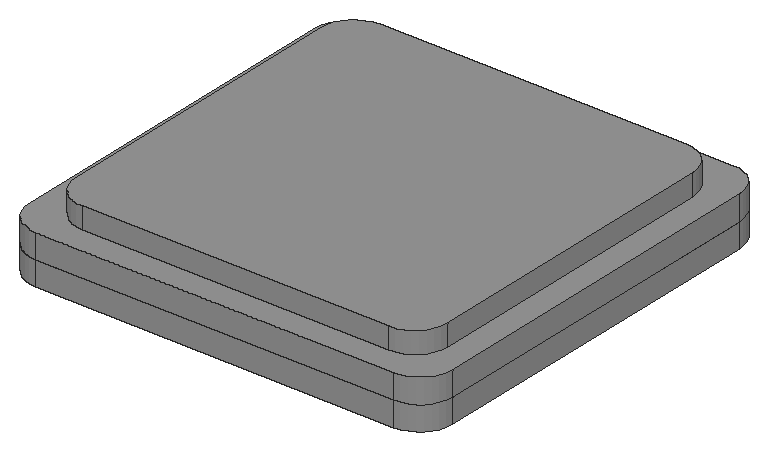
Revit family "FMS2_63_UN_Surface-mounted_ETK", category Lighting Fixtures, Revit 2019 (continued)
Definition of nested family "FMS.2 - Lightsource"
  Types (14, lengths in mm): name | Wattage Comments | Wattage | built-in parameter 1150134 | Photometric Web File | built-in parameter 1150142 | built-in parameter 1150105 | Lumens | built-in parameter 1150107 | built-in parameter 1150106 | Apparent Load
      .7117\r\n333.632\t330.6806\t327.7293\t324.7779\t321.6982\t318.3619\t315.0256\t311.6893\t308.353\t305.0166\r\n301.6803\t298.344\t295.0077\t291.6714\t288.335\t284.9987\t281.7907\t278.4544\t275.1181\t271.7818\r\n268.4454\t265.2374\t261.9011\t258.5648\t255.2285\t251.7638\t248.2992\t244.8346\t241.3699\t237.9053\r\n234.4406\t230.976\t227.5114\t224.0467\t220.5821\t217.1174\t213.6528\t210.3165\t206.8518\t203.3872\r\n199.9226\t196.4579\t193.1216\t189.657\t186.1923\t182.5994\t179.1347\t175.6701\t172.2054\t168.6125\r\n165.1478\t161.6832\t158.2186\t154.7539\t151.2893\t147.8246\t144.36\t140.8954\t137.3024\t133.8378\r\n130.3731\t126.9726\t123.508\t120.2358\t117.0278\t113.8198\t110.6118\t107.4038\t104.1958\t100.9878\r\n97.7927\t94.5847\t91.3895\t88.1943\t84.9992\t81.804\t78.6088\t75.4137\t72.2313\t69.0362\r\n65.8538\t62.6587\t56.6918\t50.0961\t43.5133\t36.9177\t30.322\t23.7264\t17.1436\t10.5479\r\n3.9574\t0\t0\t0\t0\t0\t0\t0\t0\t0\r\n0\r\n473.6291\t473.3725\t472.9875\t472.6026\t472.2176\t471.8326\t471.4477\t471.0627\t470.6778\t470.2928\r\n469.9078\t469.5229\t469.1379\t468.753\t468.368\t467.983\t467.4698\t467.0848\t466.5715\t466.1866\r\n465.6733\t464.9034\t463.4918\t462.0803\t460.5405\t459.129\t457.7174\t456.3059\t454.8944\t453.4829\r\n452.0714\t450.6598\t449.12\t447.7085\t446.297\t444.7571\t443.3456\t441.8058\t440.3942\t438.9827\r\n437.4429\t436.0314\t433.8499\t431.5402\t429.2304\t426.9206\t424.6109\t422.3011\t419.9914\t417.6816\r\n415.3718\t412.9338\t410.624\t408.3142\t406.0045\t403.5664\t401.2566\t398.9469\t396.6371\t394.199\r\n391.8893\t389.5795\t387.1414\t384.1901\t381.2387\t378.2874\t375.336\t372.3846\t369.4333\t366.4819\r\n363.5306\t360.5792\t357.6278\t354.6765\t351.7251\t348.7738\t345.8224\t342.871\t339.9197\t336.9683\r\n334.017\t331.0656\t328.1142\t324.9062\t321.5699\t318.2336\t314.8973\t311.6893\t308.353\t305.0166\r\n301.8086\t298.4723\t295.136\t291.928\t288.5917\t285.3837\t282.0474\t278.711\t275.3747\t272.1667\r\n268.8304\t265.4941\t262.1578\t258.6931\t255.2285\t251.7638\t248.2992\t244.8346\t241.4982\t238.0336\r\n234.569\t231.1043\t227.6397\t224.175\t220.7104\t217.2458\t213.7811\t210.4448\t206.9802\t203.5155\r\n200.0509\t196.5862\t193.1216\t189.657\t186.1923\t182.7277\t179.1347\t175.6701\t172.2054\t168.7408\r\n165.2762\t161.6832\t158.2186\t154.7539\t151.2893\t147.8246\t144.36\t140.8954\t137.4307\t133.8378\r\n130.3731\t126.947\t123.662\t120.4412\t117.2203\t113.9995\t110.7787\t107.5707\t104.3498\t101.1418\r\n97.921\t94.713\t91.505\t88.2842\t85.0762\t81.8682\t78.6602\t75.4522\t72.2442\t69.0362\r\n65.8282\t61.5038\t54.921\t48.3381\t41.7553\t35.1597\t28.5769\t21.994\t15.4112\t8.8194\r\n2.2341\t0\t0\t0\t0\t0\t0\t0\t0\t0\r\n0\r\n473.6291\t473.3725\t472.9875\t472.6026\t472.2176\t471.8326\t471.4477\t471.0627\t470.6778\t470.2928\r\n469.9078\t469.5229\t469.0096\t468.6246\t468.2397\t467.8547\t467.4698\t467.0848\t466.6998\t466.3149\r\n465.9299\t464.9034\t463.4918\t462.0803\t460.6688\t459.2573\t457.8458\t456.3059\t454.8944\t453.4829\r\n452.0714\t450.6598\t449.12\t447.7085\t446.297\t444.8854\t443.4739\t442.0624\t440.6509\t439.2394\r\n437.8278\t436.0314\t433.7216\t431.4118\t429.1021\t426.7923\t424.4826\t422.3011\t419.9914\t417.6816\r\n415.3718\t413.0621\t410.7523\t408.4426\t406.1328\t403.823\t401.5133\t399.2035\t396.8938\t394.584\r\n392.2742\t389.8362\t386.8848\t383.9334\t381.1104\t378.159\t375.2077\t372.3846\t369.4333\t366.4819\r\n363.6589\t360.7075\t357.7562\t354.8048\t351.9818\t349.0304\t346.079\t343.1277\t340.1763\t337.225\r\n334.2736\t331.3222\t327.9859\t324.7779\t321.4416\t318.2336\t314.8973\t311.6893\t308.353\t305.145\r\n301.8086\t298.6006\t295.2643\t292.0563\t288.72\t285.512\t282.1757\t278.8394\t275.6314\t272.295\r\n269.087\t265.7507\t262.2861\t258.8214\t255.3568\t251.8922\t248.4275\t244.9629\t241.4982\t238.0336\r\n234.569\t231.2326\t227.768\t224.3034\t220.8387\t217.3741\t213.9094\t210.5731\t207.1085\t203.6438\r\n200.1792\t196.7146\t193.2499\t189.7853\t186.3206\t182.7277\t179.263\t175.7984\t172.3338\t168.8691\r\n165.2762\t161.8115\t158.3469\t154.8822\t151.2893\t147.8246\t144.36\t140.8954\t137.4307\t133.8378\r\n130.3731\t127.0111\t123.7775\t120.5566\t117.323\t114.0893\t110.8685\t107.6348\t104.4012\t101.1803\r\n97.9467\t94.7258\t91.4922\t88.2713\t85.0377\t81.8168\t78.596\t75.3623\t72.1415\t68.9207\r\n65.687\t60.1179\t53.5479\t46.978\t40.408\t33.838\t27.268\t20.698\t14.128\t7.5632\r\n0.9932\t0\t0\t0\t0\t0\t0\t0\t0\t0\r\n0\r\n473.6291\t473.3725\t472.9875\t472.6026\t472.2176\t471.8326\t471.4477\t471.0627\t470.6778\t470.2928\r\n469.9078\t469.5229\t469.1379\t468.753\t468.368\t467.983\t467.5981\t467.2131\t466.8282\t466.4432\r\n466.0582\t464.6467\t463.2352\t461.8237\t460.4122\t459.129\t457.7174\t456.3059\t454.8944\t453.4829\r\n452.0714\t450.6598\t449.2483\t447.8368\t446.4253\t445.0138\t443.6022\t442.1907\t440.9075\t439.496\r\n438.0845\t435.903\t433.5933\t431.4118\t429.1021\t426.7923\t424.6109\t422.3011\t419.9914\t417.6816\r\n415.5002\t413.1904\t410.8806\t408.5709\t406.3894\t404.0797\t401.7699\t399.4602\t397.2787\t394.969\r\n392.6592\t389.9645\t387.0131\t384.0618\t381.1104\t378.2874\t375.336\t372.3846\t369.5616\t366.6102\r\n363.7872\t360.8358\t357.8845\t355.0614\t352.1101\t349.1587\t346.2074\t343.3843\t340.433\t337.4816\r\n334.5302\t331.3222\t328.1142\t324.7779\t321.5699\t318.2336\t315.0256\t311.6893\t308.4813\t305.145\r\n301.8086\t298.6006\t295.2643\t292.0563\t288.72\t285.512\t282.1757\t278.9677\t275.7597\t272.4234\r\n269.2154\t265.7507\t262.2861\t258.8214\t255.3568\t251.8922\t248.5558\t245.0912\t241.6266\t238.1619\r\n234.6973\t231.2326\t227.768\t224.3034\t220.967\t217.5024\t214.0378\t210.5731\t207.1085\t203.6438\r\n200.1792\t196.7146\t193.2499\t189.7853\t186.3206\t182.7277\t179.263\t175.7984\t172.3338\t168.8691\r\n165.2762\t161.8115\t158.3469\t154.8822\t151.2893\t147.8246\t144.36\t140.8954\t137.4307\t133.8378\r\n130.3731\t127.1266\t123.8801\t120.6465\t117.4\t114.1663\t110.9198\t107.6861\t104.4396\t101.206\r\n97.9595\t94.7258\t91.4793\t88.2457\t85.012\t81.7655\t78.5318\t75.2982\t72.0517\t68.818\r\n65.5844\t59.271\t52.7139\t46.1567\t39.5996\t33.0424\t26.4852\t19.9281\t13.3581\t6.8061\r\n0.2483\t0\t0\t0\t0\t0\t0\t0\t0\t0\r\n0\r\n473.6291\t473.3725\t472.9875\t472.6026\t472.2176\t471.8326\t471.4477\t471.0627\t470.6778\t470.4211\r\n470.0362\t469.6512\t469.2662\t468.8813\t468.4963\t468.1114\t467.7264\t467.4698\t467.0848\t466.6998\r\n466.3149\t464.9034\t463.4918\t462.0803\t460.6688\t459.2573\t457.8458\t456.4342\t455.0227\t453.6112\r\n452.1997\t450.7882\t449.3766\t447.9651\t446.5536\t445.1421\t443.7306\t442.319\t440.9075\t439.496\r\n438.0845\t435.7747\t433.465\t431.2835\t428.9738\t426.664\t424.3542\t422.1728\t419.863\t417.5533\r\n415.2435\t413.0621\t410.7523\t408.4426\t406.1328\t403.9514\t401.6416\t399.3318\t397.0221\t394.8406\r\n392.5309\t389.5795\t386.7565\t383.8051\t380.8538\t378.0307\t375.0794\t372.128\t369.305\t366.3536\r\n363.4022\t360.5792\t357.6278\t354.6765\t351.8534\t348.9021\t345.9507\t343.1277\t340.1763\t337.3533\r\n334.4019\t331.0656\t327.8576\t324.6496\t321.3133\t318.1053\t314.8973\t311.561\t308.353\t305.0166\r\n301.8086\t298.6006\t295.2643\t292.0563\t288.8483\t285.512\t282.304\t278.9677\t275.7597\t272.5517\r\n269.2154\t265.7507\t262.4144\t258.9498\t255.4851\t252.0205\t248.5558\t245.0912\t241.6266\t238.1619\r\n234.6973\t231.2326\t227.768\t224.4317\t220.967\t217.5024\t214.0378\t210.5731\t207.1085\t203.6438\r\n200.1792\t196.7146\t193.2499\t189.657\t186.1923\t182.7277\t179.263\t175.7984\t172.2054\t168.7408\r\n165.2762\t161.8115\t158.2186\t154.7539\t151.2893\t147.8246\t144.2317\t140.767\t137.3024\t133.8378\r\n130.2448\t127.0496\t123.816\t120.5695\t117.323\t114.0893\t110.8428\t107.5963\t104.3627\t101.1162\r\n97.8697\t94.636\t91.3895\t88.143\t84.9093\t81.6628\t78.4164\t75.1827\t71.9362\t68.6897\r\n65.456\t58.8989\t52.3546\t45.8102\t39.2659\t32.7216\t26.1773\t19.633\t13.0886\t6.5456\r\n0\t0\t0\t0\t0\t0\t0\t0\t0\t0\r\n0\r\n473.6291\t473.2442\t472.9875\t472.6026\t472.2176\t471.8326\t471.4477\t471.0627\t470.6778\t470.2928\r\n469.9078\t469.3946\t469.0096\t468.6246\t468.2397\t467.8547\t467.4698\t467.0848\t466.6998\t466.3149\r\n465.9299\t464.6467\t463.2352\t461.8237\t460.4122\t459.0006\t457.5891\t456.1776\t454.7661\t453.3546\r\n452.0714\t450.6598\t449.2483\t447.8368\t446.4253\t445.0138\t443.6022\t442.1907\t440.9075\t439.496\r\n438.0845\t435.903\t433.5933\t431.4118\t429.1021\t426.7923\t424.4826\t422.3011\t419.9914\t417.6816\r\n415.3718\t413.0621\t410.8806\t408.5709\t406.2611\t403.9514\t401.6416\t399.4602\t397.1504\t394.8406\r\n392.5309\t389.8362\t386.8848\t383.9334\t380.9821\t378.159\t375.2077\t372.2563\t369.305\t366.4819\r\n363.5306\t360.5792\t357.7562\t354.8048\t351.8534\t349.0304\t346.079\t343.1277\t340.1763\t337.3533\r\n334.4019\t331.1939\t327.9859\t324.6496\t321.4416\t318.1053\t314.8973\t311.561\t308.353\t305.145\r\n301.8086\t298.6006\t295.2643\t292.0563\t288.72\t285.512\t282.304\t278.9677\t275.7597\t272.4234\r\n269.2154\t265.7507\t262.2861\t258.8214\t255.3568\t252.0205\t248.5558\t245.0912\t241.6266\t238.1619\r\n234.6973\t231.2326\t227.768\t224.3034\t220.8387\t217.3741\t213.9094\t210.4448\t206.9802\t203.5155\r\n200.0509\t196.5862\t193.1216\t189.5286\t186.064\t182.5994\t179.1347\t175.6701\t172.0771\t168.6125\r\n165.1478\t161.6832\t158.2186\t154.6256\t151.161\t147.6963\t144.2317\t140.6387\t137.1741\t133.7094\r\n130.2448\t126.947\t123.7005\t120.454\t117.2075\t113.9738\t110.7273\t107.4808\t104.2343\t100.9878\r\n97.7542\t94.5077\t91.2612\t88.0147\t84.781\t81.5345\t78.288\t75.0415\t71.8079\t68.5614\r\n65.3149\t59.0272\t52.4957\t45.9642\t39.4327\t32.9012\t26.3698\t19.8383\t13.3068\t6.7779\r\n0.2473\t0\t0\t0\t0\t0\t0\t0\t0\t0\r\n0\r\n473.6291\t473.2442\t472.8592\t472.4742\t472.0893\t471.7043\t471.3194\t470.9344\t470.5494\t470.1645\r\n469.7795\t469.2662\t468.8813\t468.4963\t468.1114\t467.7264\t467.3414\t466.9565\t466.5715\t466.1866\r\n465.8016\t464.775\t463.3635\t461.952\t460.5405\t459.129\t457.7174\t456.3059\t454.8944\t453.4829\r\n452.0714\t450.6598\t449.2483\t447.8368\t446.4253\t445.0138\t443.4739\t442.0624\t440.6509\t439.2394\r\n437.6995\t435.903\t433.5933\t431.2835\t429.1021\t426.7923\t424.4826\t422.1728\t419.863\t417.5533\r\n415.2435\t413.0621\t410.7523\t408.4426\t406.1328\t403.823\t401.5133\t399.3318\t397.0221\t394.7123\r\n392.4026\t389.9645\t387.0131\t384.0618\t381.1104\t378.159\t375.2077\t372.2563\t369.305\t366.3536\r\n363.4022\t360.4509\t357.4995\t354.6765\t351.7251\t348.7738\t345.8224\t342.871\t339.9197\t337.0966\r\n334.1453\t331.1939\t327.8576\t324.6496\t321.3133\t318.1053\t314.769\t311.561\t308.2246\t305.0166\r\n301.6803\t298.4723\t295.136\t291.928\t288.5917\t285.3837\t282.0474\t278.8394\t275.503\t272.295\r\n268.9587\t265.7507\t262.2861\t258.8214\t255.3568\t251.7638\t248.2992\t244.8346\t241.3699\t237.9053\r\n234.4406\t230.976\t227.5114\t224.0467\t220.7104\t217.2458\t213.7811\t210.3165\t206.8518\t203.3872\r\n199.9226\t196.4579\t192.9933\t189.5286\t185.9357\t182.471\t179.0064\t175.5418\t172.0771\t168.4842\r\n165.0195\t161.5549\t157.9619\t154.4973\t151.0326\t147.568\t144.1034\t140.5104\t137.0458\t133.5811\r\n130.1165\t126.7032\t123.4567\t120.223\t116.9765\t113.7428\t110.4964\t107.2627\t104.029\t100.7825\r\n97.5489\t94.3152\t91.0815\t87.835\t84.6014\t81.3677\t78.134\t74.9004\t71.6667\t68.4331\r\n65.1994\t59.656\t53.1373\t46.6187\t40.1\t33.5813\t27.0627\t20.544\t14.0254\t7.5042\r\n0.9855\t0\t0\t0\t0\t0\t0\t0\t0\t0\r\n0\r\n473.6291\t473.2442\t472.8592\t472.4742\t472.0893\t471.7043\t471.3194\t470.9344\t470.4211\t470.0362\r\n469.6512\t469.2662\t468.8813\t468.4963\t468.1114\t467.7264\t467.3414\t466.9565\t466.4432\t466.0582\r\n465.6733\t464.9034\t463.4918\t462.0803\t460.6688\t459.2573\t457.8458\t456.3059\t454.8944\t453.4829\r\n451.943\t450.5315\t449.12\t447.5802\t446.1686\t444.6288\t443.2173\t441.6774\t440.2659\t438.7261\r\n437.3146\t435.7747\t433.7216\t431.4118\t429.1021\t426.664\t424.3542\t422.0445\t419.7347\t417.425\r\n415.1152\t412.8054\t410.4957\t408.1859\t405.8762\t403.6947\t401.385\t399.0752\t396.6371\t394.3274\r\n392.0176\t389.7078\t387.1414\t384.1901\t381.2387\t378.2874\t375.2077\t372.2563\t369.305\t366.3536\r\n363.4022\t360.4509\t357.4995\t354.5482\t351.5968\t348.6454\t345.5658\t342.6144\t339.663\t336.7117\r\n333.7603\t330.6806\t327.7293\t324.5213\t321.185\t317.977\t314.6406\t311.3043\t308.0963\t304.76\r\n301.552\t298.2157\t295.0077\t291.6714\t288.335\t285.127\t281.7907\t278.5827\t275.2464\t272.0384\r\n268.7021\t265.4941\t262.1578\t258.6931\t255.2285\t251.7638\t248.2992\t244.8346\t241.3699\t237.777\r\n234.3123\t230.8477\t227.383\t223.9184\t220.4538\t216.9891\t213.5245\t210.0598\t206.5952\t203.1306\r\n199.6659\t196.073\t192.6083\t189.1437\t185.679\t182.2144\t178.6214\t175.1568\t171.6922\t168.2275\r\n164.6346\t161.1699\t157.7053\t154.2406\t150.776\t147.3114\t143.7184\t140.2538\t136.7891\t133.3245\r\n129.8598\t126.3824\t123.0845\t119.8509\t116.63\t113.3964\t110.1756\t106.9419\t103.7211\t100.5002\r\n97.2666\t94.0457\t90.8249\t87.6041\t84.3832\t81.1624\t77.9416\t74.7207\t71.4999\t68.2791\r\n65.0711\t60.7595\t54.2537\t47.7479\t41.242\t34.7362\t28.2304\t21.7246\t15.2188\t8.7116\r\n2.2058\t0\t0\t0\t0\t0\t0\t0\t0\t0\r\n0\r\n473.6291\t473.2442\t472.8592\t472.4742\t472.0893\t471.7043\t471.3194\t470.9344\t470.4211\t470.0362\r\n469.6512\t469.2662\t468.8813\t468.4963\t467.983\t467.5981\t467.2131\t466.6998\t466.3149\t465.8016\r\n465.4166\t464.9034\t463.7485\t462.2086\t460.7971\t459.2573\t457.8458\t456.3059\t454.8944\t453.3546\r\n451.8147\t450.4032\t448.8634\t447.3235\t445.7837\t444.3722\t442.8323\t441.2925\t439.7526\t438.2128\r\n436.673\t435.1331\t433.5933\t431.5402\t429.2304\t426.7923\t424.4826\t422.1728\t419.863\t417.5533\r\n415.1152\t412.8054\t410.4957\t408.0576\t405.7478\t403.4381\t401\t398.5619\t396.1238\t393.8141\r\n391.376\t388.9379\t386.6282\t384.3184\t381.367\t378.4157\t375.4643\t372.3846\t369.4333\t366.4819\r\n363.4022\t360.4509\t357.3712\t354.4198\t351.4685\t348.3888\t345.4374\t342.3578\t339.4064\t336.3267\r\n333.3754\t330.424\t327.3443\t324.393\t321.185\t317.8486\t314.6406\t311.3043\t307.968\t304.6317\r\n301.4237\t298.0874\t294.751\t291.4147\t288.2067\t284.8704\t281.5341\t278.1978\t274.9898\t271.6534\r\n268.3171\t264.9808\t261.7728\t258.4365\t255.1002\t251.5072\t248.0426\t244.5779\t241.1133\t237.5203\r\n234.0557\t230.591\t227.1264\t223.6618\t220.0688\t216.6042\t213.1395\t209.6749\t206.2102\t202.7456\r\n199.281\t195.8163\t192.3517\t188.887\t185.4224\t181.8294\t178.3648\t174.9002\t171.4355\t167.9709\r\n164.3779\t160.9133\t157.4486\t153.984\t150.5194\t147.0547\t143.5901\t140.1254\t136.6608\t133.1962\r\n129.7315\t126.2027\t122.7381\t119.4659\t116.2451\t113.0243\t109.8163\t106.5954\t103.3746\t100.1666\r\n96.9586\t93.7506\t90.5426\t87.3346\t84.1266\t80.9186\t77.7106\t74.5154\t71.3203\t68.1123\r\n64.9171\t61.7219\t55.832\t49.339\t42.846\t36.3531\t29.8601\t23.3671\t16.8741\t10.3875\r\n3.8958\t0\t0\t0\t0\t0\t0\t0\t0\t0\r\n0\r\n473.6291\t473.2442\t472.8592\t472.4742\t472.0893\t471.7043\t471.3194\t470.9344\t470.5494\t470.0362\r\n469.6512\t469.2662\t468.8813\t468.368\t467.983\t467.4698\t466.9565\t466.4432\t465.9299\t465.545\r\n464.9034\t464.3901\t463.8768\t462.337\t460.9254\t459.3856\t457.8458\t456.4342\t454.8944\t453.3546\r\n451.8147\t450.2749\t448.735\t447.1952\t445.6554\t444.1155\t442.5757\t440.9075\t439.3677\t437.8278\r\n436.288\t434.6198\t433.08\t431.4118\t429.6154\t427.1773\t424.8675\t422.4294\t419.9914\t417.5533\r\n415.1152\t412.6771\t410.3674\t407.9293\t405.4912\t403.0531\t400.615\t398.177\t395.8672\t393.4291\r\n390.991\t388.553\t386.1149\t383.6768\t381.2387\t378.8006\t375.721\t372.6413\t369.5616\t366.4819\r\n363.4022\t360.4509\t357.3712\t354.2915\t351.3402\t348.2605\t345.3091\t342.1011\t339.0214\t335.9418\r\n332.8621\t329.7824\t326.831\t323.7514\t320.6717\t317.7203\t314.5123\t311.176\t307.8397\t304.5034\r\n301.167\t297.8307\t294.4944\t291.1581\t287.8218\t284.4854\t281.1491\t277.8128\t274.4765\t271.2685\r\n267.9322\t264.5958\t261.2595\t257.9232\t254.7152\t251.3789\t248.0426\t244.4496\t240.985\t237.392\r\n233.9274\t230.4627\t226.8698\t223.4051\t219.9405\t216.3475\t212.8829\t209.4182\t205.8253\t202.3606\r\n198.896\t195.303\t191.8384\t188.3738\t184.9091\t181.4445\t177.9798\t174.3869\t170.9222\t167.4576\r\n163.993\t160.5283\t157.0637\t153.599\t150.1344\t146.6698\t143.2051\t139.7405\t136.2758\t132.8112\r\n129.3466\t125.9204\t122.4686\t119.0296\t115.719\t112.511\t109.3158\t106.1206\t102.9255\t99.7303\r\n96.5351\t93.34\t90.1448\t86.9625\t83.7801\t80.5978\t77.4155\t74.2331\t71.0508\t67.8813\r\n64.6989\t61.5294\t57.8338\t51.3537\t44.8863\t38.4062\t31.926\t25.4587\t18.9785\t12.5086\r\n6.0375\t0\t0\t0\t0\t0\t0\t0\t0\t0\r\n0\r\n473.6291\t473.2442\t472.8592\t472.4742\t472.0893\t471.7043\t471.3194\t470.9344\t470.5494\t470.0362\r\n469.6512\t469.2662\t468.753\t468.2397\t467.7264\t467.2131\t466.6998\t466.1866\t465.545\t465.0317\r\n464.5184\t463.8768\t463.2352\t462.7219\t461.1821\t459.6422\t458.2307\t456.6909\t455.151\t453.6112\r\n451.943\t450.4032\t448.8634\t447.1952\t445.527\t443.9872\t442.319\t440.6509\t438.9827\t437.3146\r\n435.6464\t433.9782\t432.3101\t430.6419\t428.8454\t427.1773\t425.1242\t422.6861\t420.248\t417.8099\r\n415.2435\t412.8054\t410.3674\t407.9293\t405.4912\t402.9248\t400.3584\t397.9203\t395.3539\t392.7875\r\n390.3494\t387.783\t385.345\t382.7786\t380.2122\t377.6458\t375.0794\t372.513\t369.5616\t366.4819\r\n363.4022\t360.3226\t357.2429\t354.0349\t350.9552\t347.8755\t344.7958\t341.7162\t338.6365\t335.5568\r\n332.6054\t329.5258\t326.4461\t323.2381\t320.1584\t317.0787\t313.999\t310.9194\t307.8397\t304.5034\r\n301.0387\t297.7024\t294.3661\t290.9014\t287.5651\t284.2288\t280.7642\t277.4278\t274.0915\t270.7552\r\n267.4189\t264.0826\t260.7462\t257.4099\t254.0736\t250.7373\t247.401\t244.0646\t240.8566\t237.2637\r\n233.6707\t230.2061\t226.6131\t223.1485\t219.5555\t216.0909\t212.4979\t209.0333\t205.4403\t201.9757\r\n198.511\t194.9181\t191.4534\t187.9888\t184.5242\t181.0595\t177.5949\t174.1302\t170.6656\t167.0726\r\n163.608\t160.1434\t156.6787\t153.2141\t149.7494\t146.2848\t142.8202\t139.3555\t135.8909\t132.4262\r\n128.9616\t125.5355\t122.0965\t118.6575\t115.2185\t111.7924\t108.61\t105.4277\t102.2582\t99.0887\r\n95.9192\t92.7625\t89.6059\t86.4492\t83.3053\t80.1487\t77.0048\t73.
